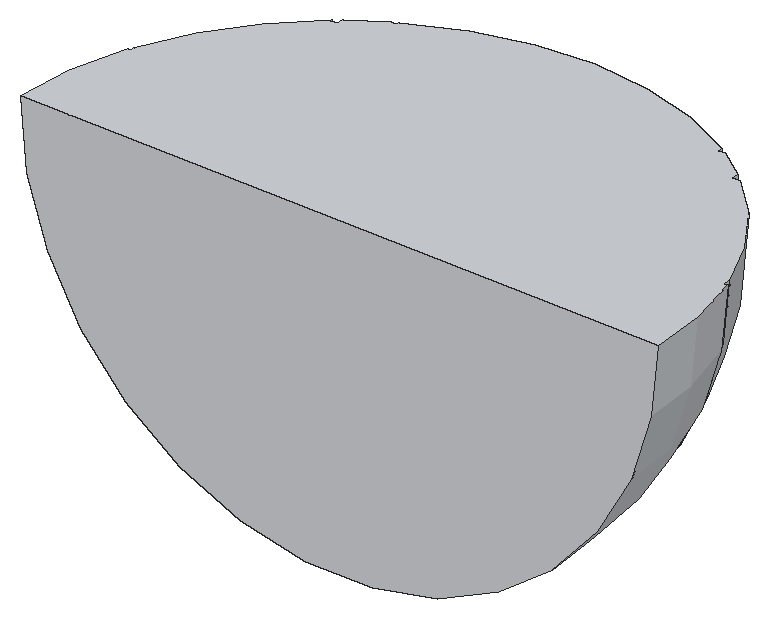
Revit family "7025", category Lighting Fixtures, Revit 2016
Family settings
  Part Type = Normal
  Round Connector Dimension = Use Diameter
  OmniClass Number = 23.80.70.00
  OmniClass Title = Lighting
  Work Plane-Based = No
  Always vertical = Yes
  Cut with Voids When Loaded = No
  Light Source = Yes
  Shared = No
  Room Calculation Point = No
Parameters
  Wattage = 12.1178 W
  built-in parameter 1150110 = 1 (stored number, unit not read)
  built-in parameter 1114217 = 1 (stored number, unit not read)
  built-in parameter 1150109 = 1 (stored number, unit not read)
  built-in parameter 1150134 = (empty or 0)
  built-in parameter 1150113 = 1 (stored number, unit not read)
  Lumens = 1800 lm
  built-in parameter 1150115 = 1 (stored number, unit not read)
  built-in parameter 1150105 = 143.24 (stored number, unit not read)
  Light Source Symbol Size = 2' - 0"
  built-in parameter 1150137 = (empty or 0)
  built-in parameter 1150139 = (empty or 0)
  built-in parameter 1150112 = 1 (stored number, unit not read)
  built-in parameter 1150114 = 1 (stored number, unit not read)
  built-in parameter 1150132 = 2
  built-in parameter 1150102 = (empty or 0)
  built-in parameter 1150138 = (empty or 0)
  built-in parameter 1150107 = 3000 (stored number, unit not read)
  built-in parameter 1150106 = 1.4324 (stored number, unit not read)
  built-in parameter 1150104 = 13.8 (stored number, unit not read)
  Dimming Lamp Color Temperature Shift = (empty or 0)
  Color Filter = 16777215
  built-in parameter 1114218 = 1 (stored number, unit not read)
  built-in parameter 1150133 = 10 (stored number, unit not read)
Reference planes (in)
  plane 1 "Light Source Axis (F/B)": y = 0
  plane 2: z = 0
  plane 3 "Light Source Axis (L/R)": x = 0
  plane 4 "Light Source Elevation": z = -5
Forms (in)
  Revolve 1, solid
    sketch origin (0, 0, 0) x (1, 0, 0) y (0, 1, 0)
      loop
        line (0, 0) -> (0, 9)
        arc (0, 9) -> (-6.36396, 6.36396) -> (-9, 0) r 9
        line (-9, 0) -> (0, 0)
      axis (0, 9) -> (0, 0)
    angle from 0 to 360
  Extrusion 2, void
    sketch origin (0, 0, 0) x (-1, 0, 0) y (0, 0, 1)
      loop
        line (-9, 0) -> (9.25, 0) -> (9.25, 9.25) -> (-9, 9.25) -> (-9, 0)
    from 0 to 12
  Revolve 3, void
    sketch origin (0, 0, 0) x (0, 1, 0) y (0, 0, 1)
      loop
        line (8.06025, -4.54425) -> (7.671, -4.54425) -> (7.671, -4.74425) -> (8.06025, -4.74425) -> (8.06025, -4.54425)
      loop
        line (7.12258, -5.76029) -> (7.12258, -5.56029) -> (6.90323, -5.56029) -> (6.90323, -5.76029) -> (7.12258, -5.76029)
      loop
        line (3.24843, -8.58449) -> (3.24843, -8.38449) -> (3.09912, -8.38449) -> (3.09912, -8.58449) -> (3.24843, -8.58449)
      axis (8.06025, 0) -> (3.09912, 0)
    angle from 0 to 360
Cuts and joins
  Extrusion 2, Revolve 3 cuts Revolve 1
Dimensions and locks (in)
  cut or joined group of Revolve 1, Extrusion 2, Revolve 3 to plane 4 "Light Source Elevation" = 0' - 5"
  aligned and locked: plane 3 "Light Source Axis (L/R)" to imposter light
  aligned and locked: plane 1 "Light Source Axis (F/B)" to imposter light
  aligned and locked: plane 4 "Light Source Elevation" to imposter light
  aligned and locked: level to plane 2
